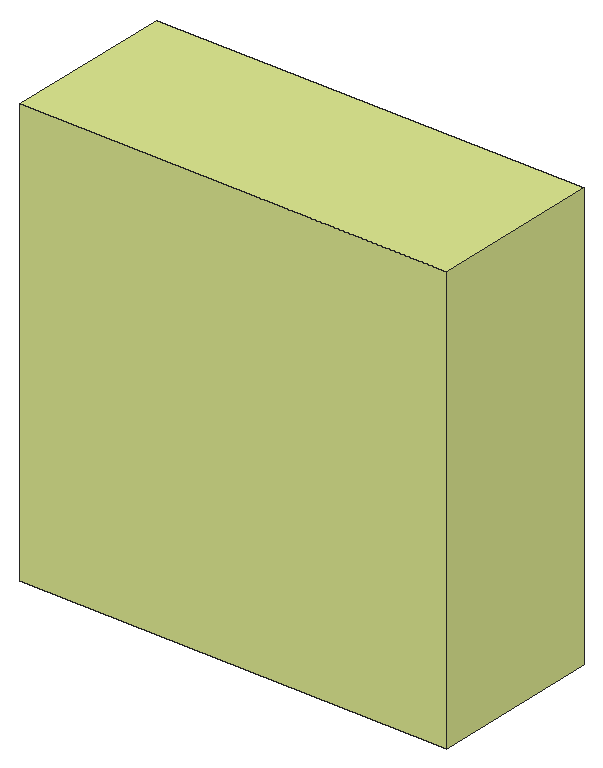
Revit family "AVLN_Отверстие в стене", category Обобщенные модели, Revit 2019
Family settings
  Может служить основой для арматурных стержней = Нет
  Размер круглого соединителя = Использовать диаметр
  Тип детали = Нормальный
  На основе рабочей плоскости = Нет
  Всегда вертикально = Да
  При загрузке вырезать с полостями = Да
  Общий = Нет
  Точка расчета площади = Нет
Parameters (values of type "CC")
  Ширина [instance] = 500 mm
  Толщина [instance] = 200 mm
  Согласовано [instance] = no
  Правое открывание [instance] = yes
  Отм. низа отверстия [instance] = 0 mm
  Отверстие [instance] = yes
  Обобщённая модель [instance] = not(Согласовано)  # yes
  Лючок [instance] = yes
  Линия сек.диап. (вверх) [instance] = 800 mm
  Линия сек.диап (вниз) [instance] = 1 mm
  Левое открывание [instance] = no
  Двоиное открывание [instance] = no
  Дверца [instance] = yes
  Высота [instance] = 500 mm
  ADSK_Размер_Ширина [instance] = Ширина  # 500 mm
  ADSK_Размер_Толщина [instance] = Толщина  # 200 mm
  ADSK_Размер_Высота [instance] = Высота  # 500 mm
  ADSK_Обозначение системы [instance] = "СС"
  ADSK_Комментарии [instance] = if(Лючок, "Лючок", if(Дверца, "Дверца", "Отверстие"))  # "Лючок"
  ADSK_Группирование [instance] = if(Согласовано, "Да", "Нет")  # "Нет"
  ---Параметры для спецификации--- [instance] = " "  # constant formula
  ------РАЗМЕРЫ------- [instance] = " "  # constant formula
  ---------------------- [instance] = ""
Types (4, lengths in mm): name | Правое открывание | Лючок | Дверца | ADSK_Обозначение системы | ADSK_Комментарии
  CC | yes | yes | yes | "СС" | "Лючок"
  ЭОМ | no | no | no | "ЭОМ" | "Отверстие"
  ВК | no | no | no | "ВК" | "Отверстие"
  ОВ | no | no | no | "ОВ" | "Отверстие"
Reference planes
  plane 1 "По центру (Вперед/Назад)": y = 0
  plane 2: z = 0
  plane 3 "По центру (Влево/Вправо)": x = 0
  plane 4 "1": z = 500
  plane 5: x = -250
  plane 6: x = 250
  plane 7 "П": y = 100
  plane 8 "Н": y = -100
  plane 9 "УГО": z = 800
Forms (mm)
  Extrusion 1, solid, visible <- "Обобщённая модель"
    sketch origin (0, 0, 0) x (1, 0, 0) y (0, 1, 0)
      loop
        line (-250, 100) -> (-250, -100) -> (250, -100) -> (250, 100) -> (-250, 100)
    from 0 to 500
  Extrusion 2, void
    sketch origin (0, 0, 0) x (1, 0, 0) y (0, 1, 0)
      loop
        line (-250, 100) -> (-250, -100) -> (250, -100) -> (250, 100) -> (-250, 100)
    from 0 to 500
  Extrusion 3, void
    sketch origin (0, 0, 0) x (1, 0, 0) y (0, 1, 0)
      loop
        line (-250, 200) -> (-250, 100) -> (250, 100) -> (250, 200) -> (-250, 200)
    from 0 to 500
  Extrusion 4, void
    sketch origin (0, 0, 0) x (1, 0, 0) y (0, 1, 0)
      loop
        line (-250, -200) -> (250, -200) -> (250, -100) -> (-250, -100) -> (-250, -200)
    from 0 to 500
Cuts and joins
  Extrusion 3, Extrusion 4 cuts Extrusion 1
Lines and regions (mm)
  symbolic lines, style "GenericModel"
    curve 1: line (0, 0, 0) -> (0, 0, -1)
    curve 2: line (-250, -100, 0) -> (-143.554, -100, 426.93)
    curve 3: line (-143.554, -100, 426.93) -> (250, -100, 500)
    curve 4: line (-250, 100, 0) -> (-143.554, 100, 426.93)
    curve 5: line (-143.554, 100, 426.93) -> (250, 100, 500)
  model lines
    curve 6: line (-250, 0, 0) -> (-250, 0, 800)
Dimensions and locks
  "Высота": Extrusion 1 to plane 2
  "Высота": Extrusion 2 to plane 2
  "Высота": plane 4 "1" to plane 2
  equal spacing: plane 5, plane 3 "По центру (Влево/Вправо)", plane 6
  "Ширина": plane 5 to plane 6
  equal spacing: plane 7 "П", plane 1 "По центру (Вперед/Назад)", plane 8 "Н"
  "Толщина": plane 7 "П" to plane 8 "Н"
  "Линия сек.диап (вниз)": plane 2 to curve 1
  Extrusion 3 to plane 7 "П" = 100 mm
  Extrusion 4 to plane 8 "Н" = 100 mm
  "Линия сек.диап. (вверх)": plane 9 "УГО" to plane 2
  aligned and locked: level to plane 2
  aligned and locked: Extrusion 1 to plane 2
  aligned and locked: Extrusion 2 to plane 2
  aligned and locked: plane 2 to Extrusion 1
  aligned and locked: Extrusion 2 to plane 5
  aligned and locked: Extrusion 1 to plane 5
  aligned and locked: Extrusion 2 to plane 6
  aligned and locked: Extrusion 1 to plane 6
  aligned and locked: plane 7 "П" to Extrusion 2
  aligned and locked: plane 7 "П" to Extrusion 1
  aligned and locked: plane 8 "Н" to Extrusion 2
  aligned and locked: plane 8 "Н" to Extrusion 1
  aligned and locked: plane 3 "По центру (Влево/Вправо)" to nested 1
  aligned and locked: plane 1 "По центру (Вперед/Назад)" to nested 1
  aligned and locked: plane 3 "По центру (Влево/Вправо)" to nested 2
  aligned and locked: plane 1 "По центру (Вперед/Назад)" to nested 2
  aligned and locked: plane 1 "По центру (Вперед/Назад)" to nested 3
  aligned and locked: plane 3 "По центру (Влево/Вправо)" to nested 3
  aligned and locked: plane 1 "По центру (Вперед/Назад)" to nested 4
  aligned and locked: plane 3 "По центру (Влево/Вправо)" to nested 4
  aligned and locked: curve 1 to plane 3 "По центру (Влево/Вправо)"
  aligned and locked: plane 2 to curve 1
  aligned and locked: plane 1 "По центру (Вперед/Назад)" to nested 5
  aligned and locked: plane 3 "По центру (Влево/Вправо)" to nested 5
  aligned and locked: plane 1 "По центру (Вперед/Назад)" to nested 6
  aligned and locked: plane 3 "По центру (Влево/Вправо)" to nested 6
  aligned and locked: plane 1 "По центру (Вперед/Назад)" to nested 7
  aligned and locked: plane 3 "По центру (Влево/Вправо)" to nested 7
  aligned and locked: nested 3 to Extrusion 3 sketch curve
  aligned and locked: Extrusion 3 sketch curve to Extrusion 1  (x2)
  aligned and locked: cut or joined group of Extrusion 1, Extrusion 3, Extrusion 4 to plane 2
  aligned and locked: plane 4 "1" to Extrusion 3
  aligned and locked: cut or joined group of Extrusion 1, Extrusion 3, Extrusion 4 to plane 6
  aligned and locked: cut or joined group of Extrusion 1, Extrusion 3, Extrusion 4 to plane 5
  aligned and locked: Extrusion 4 to cut or joined group of Extrusion 1, Extrusion 3, Extrusion 4
  aligned and locked: Extrusion 2 to curve 6
  aligned and locked: curve 6 to Extrusion 2
Automatic sketch dimensions
  Extrusion 1 sketch curve to plane 5 = 0 mm
  Extrusion 1 sketch curve to plane 6 = 0 mm
  plane 8 "Н" to Extrusion 1 sketch curve = 0 mm
  Extrusion 1 sketch curve to plane 7 "П" = 0 mm
  Extrusion 2 sketch curve to plane 5 = 0 mm
  Extrusion 2 sketch curve to plane 6 = 0 mm
  plane 8 "Н" to Extrusion 2 sketch curve = 0 mm
  Extrusion 2 sketch curve to plane 7 "П" = 0 mm
  plane 7 "П" to Extrusion 3 sketch curve = 100 mm
  Extrusion 4 sketch curve to plane 5 = 0 mm
  Extrusion 4 sketch curve to plane 6 = 0 mm
  plane 8 "Н" to Extrusion 4 sketch curve = 0 mm
  Extrusion 4 sketch curve to plane 8 "Н" = 100 mm
  curve 5 to plane 4 "1" = 0 mm
  plane 6 to curve 5 = 0 mm
  curve 4 to level = 0 mm
  curve 4 to plane 5 = 0 mm
  plane 5 to curve 5 = 106.446 mm
  curve 5 to plane 4 "1" = 73.07 mm
  curve 3 to plane 4 "1" = 0 mm
  plane 6 to curve 3 = 0 mm
  curve 2 to level = 0 mm
  curve 2 to plane 5 = 0 mm
  curve 3 to plane 5 = 106.446 mm
  plane 4 "1" to curve 3 = 73.07 mm
  curve 6 to plane 9 "УГО" = 0 mm
Nested families
  nested 1: "УГО" at (0, 0, 800), Толщина <- "Толщина", Ширина <- "Ширина", visible <- "Лючок", type "Крест", detail levels medium
    with Ширина 500 mm, Толщина 200 mm
  nested 2: "Заливка" at (0, 0, 800), a <- "Толщина", b <- "Ширина", type "Заливка", detail levels fine
    with b 500 mm, a 200 mm
  nested 3: "Открывание" at (0, 0, 800), a <- "Толщина", b <- "Ширина", visible <- "Лючок", Двоиное открывание <- "Двоиное открывание", Левое открываение <- "Левое открывание", Правое открывание <- "Правое открывание", type "Открывание", detail levels coarse+fine
    with Правое открывание yes, Левое открываение no, Двоиное открывание no, b 500 mm, a 200 mm
  nested 4: "УГО" at (0, 0, 800), visible <- "Отверстие", Толщина <- "Толщина", Ширина <- "Ширина", type "Крест", detail levels coarse+medium
    with Ширина 500 mm, Толщина 200 mm
  nested 5: "Открывание" at (0, 0, 800), visible <- "Дверца", a <- "Толщина", b <- "Ширина", Двоиное открывание <- "Двоиное открывание", Левое открываение <- "Левое открывание", Правое открывание <- "Правое открывание", type "Открывание", detail levels coarse+fine
    with Правое открывание yes, Левое открываение no, Двоиное открывание no, b 500 mm, a 200 mm
  nested 6: "Открывание" at (0, 0, 800), visible <- "Дверца", a <- "ADSK_Размер_Толщина", b <- "ADSK_Размер_Ширина", Двоиное открывание <- "Двоиное открывание", Левое открываение <- "Левое открывание", Правое открывание <- "Правое открывание", type "Открывание", detail levels coarse+fine
    with Правое открывание yes, Левое открываение no, Двоиное открывание no, b 500 mm, a 200 mm
  nested 7: "УГО" at (0, 0, 800), visible <- "Дверца", Толщина <- "ADSK_Размер_Толщина", Ширина <- "ADSK_Размер_Ширина", type "Крест", detail levels medium
    with Ширина 500 mm, Толщина 200 mm
Definition of nested family "УГО"
  Parameters (values of type "Крест")
    Ширина [instance] = 377.347 mm
    Толщина [instance] = 164.152 mm
  Reference planes
    plane 1 "По центру (Вперед/Назад)": y = 0
    plane 2: z = 0
    plane 3 "По центру (Влево/Вправо)": x = 0
  Lines and regions (mm)
    Filled region 1, type "Сплошная заливка - Черный", in view "Опорный уровень"
      outline origin (0, 0, 0) x (1, 0, 0) y (0, 1, 0)
        loop
          line (-188.673, 82.076) -> (-188.673, -82.076) -> (188.673, -82.076) -> (188.673, 82.076) -> (-188.673, 82.076)
    detail lines, in view "Опорный уровень"
      curve 1: line (-188.673, 82.076, 0) -> (188.673, 82.076, 0)
      curve 2: line (-188.673, -82.076, 0) -> (-188.673, 82.076, 0)
      curve 3: line (188.673, -82.076, 0) -> (-188.673, -82.076, 0)
      curve 4: line (188.673, 82.076, 0) -> (188.673, -82.076, 0)
    detail lines, in view "Опорный уровень", detail levels medium
      curve 5: line (-188.673, -82.076, 0) -> (188.673, 82.076, 0)
      curve 6: line (-188.673, 82.076, 0) -> (188.673, -82.076, 0)
  Dimensions and locks
    equal spacing: Filled region 1, plane 1 "По центру (Вперед/Назад)", Filled region 1
    equal spacing: Filled region 1, plane 3 "По центру (Влево/Вправо)", Filled region 1
    "Толщина": Filled region 1 to Filled region 1
    "Ширина": Filled region 1 to Filled region 1
    aligned and locked: curve 1 to Filled region 1
    aligned and locked: curve 2 to Filled region 1
    aligned and locked: curve 3 to Filled region 1
    aligned and locked: curve 4 to Filled region 1
  Automatic sketch dimensions
    plane 1 "По центру (Вперед/Назад)" to Filled region 1 sketch curve = 82.076 mm
    Filled region 1 sketch curve to plane 3 "По центру (Влево/Вправо)" = 188.673 mm
    plane 3 "По центру (Влево/Вправо)" to Filled region 1 sketch curve = 188.673 mm
    Filled region 1 sketch curve to plane 1 "По центру (Вперед/Назад)" = 82.076 mm
Definition of nested family "Заливка"
  Parameters (values of type "Заливка")
    b [instance] = 623.179 mm
    a [instance] = 555.993 mm
  Reference planes
    plane 1 "По центру (Вперед/Назад)": y = 0
    plane 2: z = 0
    plane 3 "По центру (Влево/Вправо)": x = 0
  Lines and regions (mm)
    Filled region 1, type "Бетон", in view "Опорный уровень", detail levels fine
      outline origin (0, 0, 0) x (1, 0, 0) y (0, 1, 0)
        loop
          line (-311.589, 277.997) -> (-311.589, -277.997) -> (311.589, -277.997) -> (311.589, 277.997) -> (-311.589, 277.997)
  Dimensions and locks
    equal spacing: Filled region 1, plane 3 "По центру (Влево/Вправо)", Filled region 1
    equal spacing: Filled region 1, plane 1 "По центру (Вперед/Назад)", Filled region 1
    "a": Filled region 1 to Filled region 1
    "b": Filled region 1 to Filled region 1
  Automatic sketch dimensions
    Filled region 1 sketch curve to plane 3 "По центру (Влево/Вправо)" = 311.589 mm
    plane 3 "По центру (Влево/Вправо)" to Filled region 1 sketch curve = 311.589 mm
    plane 1 "По центру (Вперед/Назад)" to Filled region 1 sketch curve = 277.997 mm
    Filled region 1 sketch curve to plane 1 "По центру (Вперед/Назад)" = 277.997 mm
Definition of nested family "Открывание"
  Parameters (values of type "Семейство3")
    Правое открывание [instance] = yes
    Левое открываение [instance] = no
    Двоиное открывание [instance] = no
    b [instance] = 500 mm
    a [instance] = 500 mm
  Reference planes
    plane 1 "По центру (Вперед/Назад)": y = 0
    plane 2: z = 0
    plane 3 "По центру (Влево/Вправо)": x = 0
    plane 4: x = -250
    plane 5: x = 250
    plane 6: y = 250
    plane 7: y = -250
    plane 8: x = -230
    plane 9: x = 230
    plane 10: y = 350
  Lines and regions (mm)
    Filled region 1, type "Белый", in view "Опорный уровень", detail levels coarse
      outline origin (0, 0, 0) x (1, 0, 0) y (0, 1, 0)
        loop
          line (-250, 250) -> (-250, -250) -> (250, -250) -> (250, 250) -> (-250, 250)
    Filled region 2, type "Синий", in view "Опорный уровень", detail levels fine
      outline origin (-165.593, -69.702, 0) x (1, 0, 0) y (0, 1, 0)
        loop
          line (-84.407, 319.702) -> (-84.407, -180.298) -> (415.593, -180.298) -> (415.593, 319.702) -> (-84.407, 319.702)
    model lines, in view "Опорный уровень", visible <- "Правое открывание", detail levels coarse+fine
      curve 1: line (250, 250, 0) -> (-230, 350, 0)
    model lines, in view "Опорный уровень", visible <- "Левое открываение", detail levels coarse+fine
      curve 2: line (-250, 250, 0) -> (230, 350, 0)
    detail lines, in view "Опорный уровень", visible <- "Двоиное открывание", detail levels coarse+fine
      curve 3: line (-250, 250, 0) -> (-32.554, 350, 0)
      curve 4: line (250, 250, 0) -> (32.554, 350, 0)
  Dimensions and locks
    equal spacing: plane 4, plane 3 "По центру (Влево/Вправо)", plane 5
    "b": plane 4 to plane 5
    equal spacing: plane 6, plane 1 "По центру (Вперед/Назад)", plane 7
    "a": plane 6 to plane 7
    locked: plane 4 to plane 8 at 20
    locked: plane 9 to plane 5 at 20
    equal spacing: curve 3, plane 3 "По центру (Влево/Вправо)", curve 4
    locked: plane 10 to plane 6 at 100
    aligned and locked: Filled region 1 to plane 4
    aligned and locked: plane 6 to Filled region 1
    aligned and locked: plane 5 to Filled region 1
    aligned and locked: Filled region 1 to plane 7
    aligned and locked: Filled region 2 to plane 4
    aligned and locked: plane 6 to Filled region 2
    aligned and locked: plane 5 to Filled region 2
    aligned and locked: Filled region 2 to plane 7
    aligned and locked: Filled region 1 to curve 2
    aligned and locked: curve 1 to Filled region 1
    aligned and locked: plane 10 to curve 3
    aligned and locked: plane 10 to curve 4
    aligned and locked: plane 8 to curve 1
    aligned and locked: plane 9 to curve 2
  Automatic sketch dimensions
    Filled region 1 sketch curve to plane 4 = 0 mm
    Filled region 1 sketch curve to plane 5 = 0 mm
    Filled region 1 sketch curve to plane 7 = 0 mm
    Filled region 1 sketch curve to plane 6 = 0 mm
    Filled region 2 sketch curve to plane 4 = 0 mm
    Filled region 2 sketch curve to plane 5 = 0 mm
    Filled region 2 sketch curve to plane 7 = 0 mm
    Filled region 2 sketch curve to plane 6 = 0 mm
    curve 2 to plane 4 = 0 mm
    curve 3 to plane 4 = 0 mm
    curve 4 to plane 5 = 0 mm
    curve 1 to plane 5 = 0 mm
    curve 4 to plane 6 = 0 mm
    curve 3 to plane 6 = 0 mm
    curve 2 to plane 10 = 0 mm
    curve 1 to plane 10 = 0 mm
    curve 3 to plane 3 "По центру (Влево/Вправо)" = 32.554 mm
